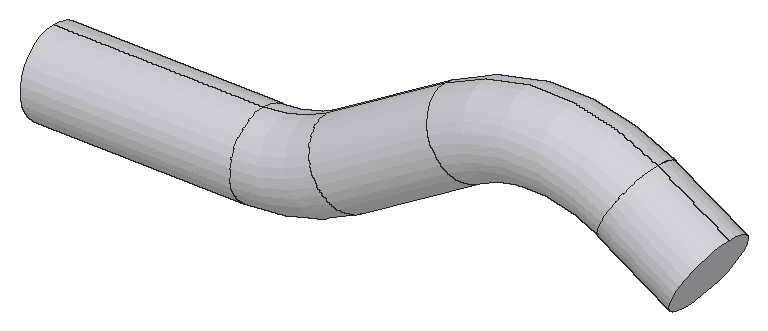
Revit family "RN 81087 Optipress-Überspringbogen", category Rohrformteile, Revit 2019
Family settings
  Bemaßung runder Anschluss = Durchmesser verwenden
  Teiletyp = Bogen
  OmniClass-Nummer = 23.60.30.11.14
  OmniClass-Titel = Pipework Fittings
  Arbeitsebenenbasiert = Nein
  Immer vertikal = Ja
  Beim Laden mit Abzugskörper schneiden = Nein
  Gemeinsam genutzt = Nein
Parameters (values of type "Var")
  product_index [instance] = size_lookup(RN_tab, "pi", 0, DN1, A)  # 4
  Winkel [instance] = 30.000°  # constant formula
  VdS [instance] = size_lookup(RN_tab, "VdS", 0, DN1, A)  # 1
  Typenkommentare = "Optipress-Überspringbogen"
  Serie [instance] = ""
  RN_tab = "RN_81087"  # constant formula
  RN_VdS [instance] = VdS = 1  # yes
  RN_Serie [instance] = "Optipress aquaplus"  # constant formula
  RN_NPK [instance] = size_lookup(RN_tab, "NPK", 0, DN1, A)  # 262.415
  RN_Mat = Edelstahl 1.4401
  RN_Manufactur = "R. Nussbaum AG"  # constant formula
  RN_LOD [instance] = "LOD 400"  # constant formula
  RN_EAN [instance] = size_lookup(RN_tab, "EAN", 0, DN1, A)  # 612945024121
  RN_Description [instance] = if(product_index = 1, "Optipress aquaplus Überspringbogen 30° DN12", if(product_index = 2, "Optipress aquaplus Überspringbogen 30° DN15", if(product_index = 3, "Optipress aquaplus Überspringbogen 30° DN20", if(product_index = 4, "Optipress aquaplus Überspringbogen 30° DN25", "0"))))  # "Optipress aquaplus Überspringbogen 30° DN25"
  RN_DN1 [instance] = 25 mm
  RN_Articlenumber [instance] = size_lookup(RN_tab, "ArtNr", 0, DN1, A)  # 81087.24
  L3 [instance] = size_lookup(RN_tab, "L3", 0.000 mm, DN1, A)  # 33.005 mm
  L1l [instance] = if(or(L1 links = L1, L1 links < L1), L1 links, L1)  # 0.000 mm
  L1 links [instance] = 0.000 mm
  L1 [instance] = size_lookup(RN_tab, "L1", 0.000 mm, DN1, A)  # 42.000 mm
  Ht [instance] = H - (Ds1 / 2)  # 38.000 mm
  H [instance] = size_lookup(RN_tab, "H", 0.000 mm, DN1, A)  # 52.000 mm
  L [instance] = size_lookup(RN_tab, "L", 0.000 mm, DN1, A)  # 332.000 mm
  Lh [instance] = L / 2  # 166.000 mm
  URL = "https://www.nussbaum.ch/productdetail?v=7612945024121"
  R [instance] = size_lookup(RN_tab, "R", 0.000 mm, DN1, A)  # 56.620 mm
  Modell = "81087.24"
  Hersteller = RN_Manufactur  # "R. Nussbaum AG"
  L2 [instance] = size_lookup(RN_tab, "L2", 0.000 mm, DN1, A)  # 84.500 mm
  IFCExportType = "BEND"  # constant formula
  IFCExportAs = "IfcPipeFitting"  # constant formula
  Ds1 [instance] = size_lookup(RN_tab, "Ds1", 0 mm, DN1, A)  # 28 mm
  DN1 [instance] = size_lookup("RN_DN", "DN", size_lookup("RN_Inch", "DN", 0.000 mm, RN_DN1), RN_DN1)  # 25.000 mm
  Beschreibung = "Überspringbogen"  # constant formula
  Bauelement = "03.01.07.03"
  A [instance] = Winkel  # 30.000°
Reference planes
  plane 1 "Center (Front/Back)": y = 0
  plane 2: z = 0
  plane 3 "Center (Left/Right)": x = 0
  plane 4: x = 332
  plane 5: x = 166
  plane 6: x = 0
  plane 7: x = 332
Forms (mm)
  Sweep 1, solid
    path in 3D
      loop
        line (0, 0, 0) -> (69.84, 0, 0)
        arc (69.84, 0, 0) -> (84.494, 0, 1.929) -> (98.15, 0, 7.586) r 56.62
        line (98.15, 0, 7.586) -> (137.69, 0, 30.414)
        arc (137.69, 0, 30.414) -> (166, 0, 38) -> (194.31, 0, 30.414) r 56.62
        line (194.31, 0, 30.414) -> (218.406, 0, 16.502)
    profile origin (34.92, 0, 0) x (0, 0, 1) y (0, -1, 0)
      loop
        circle (0, 0) r 14
Lines and regions (mm)
  model lines, style "Fittings"
    curve 1: line (98.15, 0, 7.586) -> (137.69, 0, 30.414)
    curve 2: line (194.31, 0, 30.414) -> (218.406, 0, 16.502)
  reference lines
    curve 3: line (0, 0, 7.5) -> (0, 0, -7.5)
    curve 7: line (194.31, 0, 30.414) -> (272.252, 0, -14.586)
    curve 8: line (246.989, 0, 0) -> (332, 0, 0)
  model lines
    curve 4: arc (69.84, 0, 0) -> (84.494, 0, 1.929) -> (98.15, 0, 7.586) r 56.62
    curve 5: line (0, 0, 0) -> (69.84, 0, 0)
    curve 6: arc (137.69, 0, 30.414) -> (166, 0, 38) -> (194.31, 0, 30.414) r 56.62
  sketch lines
    curve 9: line (0, 0, 0) -> (69.84, 0, 0)
    curve 10: arc (69.84, 0, 0) -> (84.494, 0, 1.929) -> (98.15, 0, 7.586) r 56.62
    curve 11: line (98.15, 0, 7.586) -> (137.69, 0, 30.414)
    curve 12: arc (137.69, 0, 30.414) -> (166, 0, 38) -> (194.31, 0, 30.414) r 56.62
    curve 13: line (194.31, 0, 30.414) -> (218.406, 0, 16.502)
Dimensions and locks
  "Lh": plane 5 to plane 3 "Center (Left/Right)"
  "Lh": plane 4 to plane 5
  "L1l": plane 3 "Center (Left/Right)" to plane 6
  "L": plane 4 to plane 3 "Center (Left/Right)"
  "Ht": curve 6 to level
  "L3": curve 2 to curve 8
  "R": radius of curve 4
  "R": radius of curve 6
  "Ds1": diameter of Sweep 1 sketch curve
  "A": angle level to curve 1
  "A": angle curve 2 to level
  aligned and locked: level to plane 2
  aligned and locked: curve 3 to plane 3 "Center (Left/Right)"
  aligned and locked: curve 5 to level
  aligned and locked: plane 6 to curve 5
  aligned and locked: plane 5 to curve 6
Automatic sketch dimensions
  curve 8 to level = 0.000 mm
  curve 8 to plane 4 = 0.000 mm
  plane 5 to curve 7 = 28.310 mm
  curve 7 to level = 14.586 mm
  curve 8 to curve 7 = 25.263 mm
  level to curve 7 = 30.414 mm
  curve 3 to level = 7.500 mm
  level to curve 3 = 7.500 mm
  profile plane to Sweep 1 sketch curve = 0.000 mm
  Sweep 1 sketch curve to profile plane = 0.000 mm
Connectors
  piping at (218.406, 0, 16.502), diameter 25, driven by "DN1"
    settings: on Sweep 1, index 1, connector inside diameter 609.6 mm, connector length 0.000 mm, flow factor 0, pipe flow 0.0 L/s, pressure drop 0.0 Pa, fitting loss kfactor 0, connector angle 0.000°, fixture units 0, engagement length 0.000 mm, angle of deflection 0.000°, flow configuration 0, flow direction 0, fitting loss method 0, system type 28, joint type 0, gender type 0, connector reference index -1, connector utility 0, adjustable connector no, is connector primary yes, connector description ""
  piping at (0, 0, 0), diameter 25, driven by "DN1"
    settings: on Sweep 1, index 2, connector inside diameter 609.6 mm, connector length 0.000 mm, flow factor 0, pipe flow 0.0 L/s, pressure drop 0.0 Pa, fitting loss kfactor 0, connector angle 0.000°, fixture units 0, engagement length 0.000 mm, angle of deflection 0.000°, flow configuration 0, flow direction 0, fitting loss method 0, system type 28, joint type 0, gender type 0, connector reference index -1, connector utility 0, adjustable connector no, is connector primary no, connector description ""
